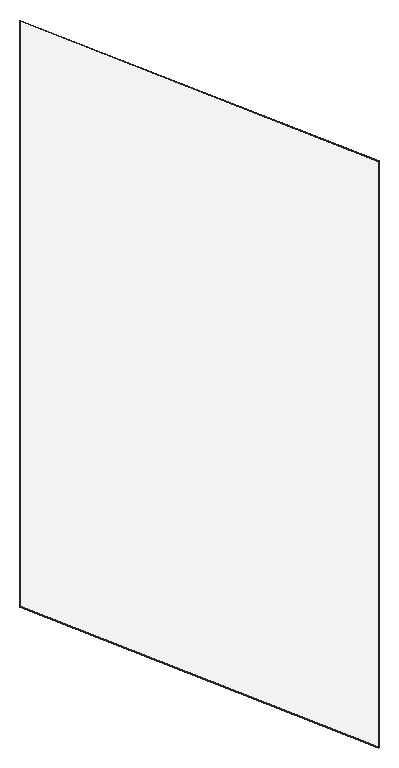
Revit family "Glass-Pane_Optiwhite_Pilkington", category Curtain Panels, Revit 2015
Parameters (values of type "Optiwhite_6mm-LowIron")
  Visible Light Transmittance  % = 91
  Visible Light Reflectance - Outside% = 8
  Visible Light Reflectance - Inside% = 8
  URL = "http://www.pilkington.com/na"
  U-Value Winter Nighttime = 1.02
  U-Value Summer Daytime = 0.93
  Thickness = 0' - 0 1/4"
  Specifications URL = "http://www.pilkingtoncalculators.com/"
  Solar Heat Gain Coefficient = 0.9
  Solar Energy UV Transmittance % = 84
  Solar Energy Transmittance % = 89
  Solar Energy Reflectance % = 8
  SmartBIM Object Version = 3  # constant formula
  SmartBIM Object Created By = "Reed Construction Data"  # constant formula
  Shading Coefficient = 1.03
  Product data url = "https://bimobject.com/pilkington/product/pilkington-optiwhite"
  Product URL = "http://www.pilkington.com/the+americas/usa/english/products/bp/bybenefit/specialapplications/optiwhite/default.htm"
  Product Name = "Pilkington Optiwhite™ Low Iron"
  Product Group = "Specialty"
  Product Color R = 81
  Product Color G = 82
  Product Color B = 82
  Overall Thickness = "1/4\""
  Offset = 0' - 1"
  Number of Panes = "1 pane - Monolithic Glass Performance Data"
  Model = "Pilkington Optiwhite™ Low Iron"
  Manufacturer = "Pilkington"
  Light to Solar Gain (LSG) = 1.01
  Glass Material = GlassMaterial_Optiwhite_6mm-LowIron_Pilkington
  Assembly Code = "B2020220"
  Appearance / Color = "Pilkington Optiwhite™ Low Iron Glass offers enhanced clarity and aesthetics.  The colorlessness of the glass is apparent when it is combined with white or light colors, or when the exposed edges are in view."
  95 CSI = "08810"  # constant formula
  04 CSI = "08 81 00"  # constant formula
Types (7): name | Visible Light Transmittance  % | U-Value Winter Nighttime | U-Value Summer Daytime | Thickness | Solar Heat Gain Coefficient | Solar Energy UV Transmittance % | Solar Energy Transmittance % | Solar Energy Reflectance % | Shading Coefficient | Product Color R | Product Color G | Product Color B | Overall Thickness | Light to Solar Gain (LSG) | Glass Material
  Optiwhite_3mm-LowIron | 91 | 1.04 | 0.94 | 0' - 0 1/8" | 0.91 | 87 | 90 | 8 | 1.04 | 81 | 82 | 83 | "1/8\"" | 1 | GlassMaterial_Optiwhite_3mm-LowIron_Pilkington
  Optiwhite_5mm-LowIron | 91 | 1.03 | 0.93 | 0' - 0 3/16" | 0.9 | 85 | 89 | 8 | 1.04 | 81 | 82 | 83 | "3/16\"" | 1.01 | GlassMaterial_Optiwhite_5mm-LowIron_Pilkington
  Optiwhite_6mm-LowIron | 91 | 1.02 | 0.93 | 0' - 0 1/4" | 0.9 | 84 | 89 | 8 | 1.03 | 81 | 82 | 82 | "1/4\"" | 1.01 | GlassMaterial_Optiwhite_6mm-LowIron_Pilkington
  Optiwhite_10mm-LowIron | 90 | 1 | 0.91 | 0' - 0 3/8" | 0.89 | 81 | 87 | 8 | 1.02 | 80 | 81 | 81 | "3/8\"" | 1.02 | GlassMaterial_Optiwhite_10mm-LowIron_Pilkington
  Optiwhite_12mm-LowIron | 90 | 0.99 | 0.9 | 0' - 0 1/2" | 0.88 | 79 | 86 | 8 | 1.01 | 79 | 81 | 80 | "1/2\"" | 1.02 | GlassMaterial_Optiwhite_12mm-LowIron_Pilkington
  Optiwhite_15mm-LowIron | 90 | 0.97 | 0.88 | 0' - 0 5/8" | 0.87 | 77 | 85 | 7 | 1 | 79 | 81 | 80 | "5/8\"" | 1.03 | GlassMaterial_Optiwhite_15mm-LowIron_Pilkington
  Optiwhite_19mm-LowIron | 89 | 0.95 | 0.86 | 0' - 0 3/4" | 0.86 | 74 | 83 | 7 | 0.99 | 79 | 80 | 80 | "3/4\"" | 1.04 | GlassMaterial_Optiwhite_19mm-LowIron_Pilkington
Reference planes (in)
  plane 1 "Front": y = 0
  plane 2: z = 0
  plane 3 "Center (Left/Right)": x = 0
  plane 4 "Left": x = -32.75106
  plane 5 "Right": x = 32.75106
  plane 6 "Top": z = 96
  plane 7: y = 1.125
  plane 8: y = 1
  plane 9: y = 0.875
Forms (in)
  Extrusion 1, solid, material "GlassMaterial_Optiwhite_6mm-LowIron_Pilkington" <- "Glass Material"
    sketch origin (0, 0, 0) x (1, 0, 0) y (0, 1, 0)
      loop
        line (-32.75106, 1.125) -> (-32.75106, 0.875) -> (32.75106, 0.875) -> (32.75106, 1.125) -> (-32.75106, 1.125)
    from 0 to 96
Text (in)
  text "Exterior" at (-54.29358, 31.38743, 0), in view "Ref. Level"
  text "Exterior" at (480, 41.53993, 89.60405), in view "Right"
  text "Exterior" at (-240, 57.82419, 105.78864), in view "Left"
Dimensions and locks (in)
  equal spacing: plane 4 "Left", plane 3 "Center (Left/Right)", plane 5 "Right"
  equal spacing: plane 7, plane 8, plane 9
  "Thickness": plane 7 to plane 9
  "Offset": plane 1 "Front" to plane 8
  aligned and locked: plane 4 "Left" to Extrusion 1 sketch curve
  aligned and locked: plane 5 "Right" to Extrusion 1 sketch curve
  aligned and locked: Extrusion 1 sketch curve to plane 7
  aligned and locked: plane 9 to Extrusion 1 sketch curve
  aligned and locked: Extrusion 1 sketch curve to plane 4 "Left"
  aligned and locked: Extrusion 1 to plane 6 "Top"
  aligned and locked: Extrusion 1 to level
